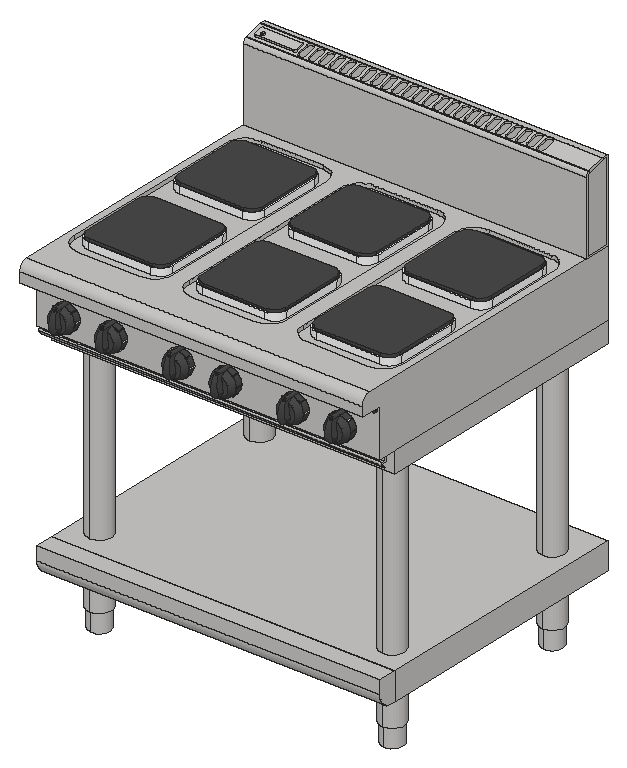
Revit family "QF_Moffat_RN8600SE-LS_Electric_Cooktops_Sealed_Hobs_cat", category Specialty Equipment, Revit 2019 (continued)
Definition of nested family "High and Low Option"
  Automatic sketch dimensions
    curve 188 to curve 190 = 0 mm
    curve 121 to curve 122 = 0 mm
    curve 184 to curve 186 = 0 mm  (x2)
    curve 125 to curve 126 = 0 mm
    curve 180 to curve 185 = 0 mm
    curve 129 to curve 130 = 0 mm
    curve 176 to curve 181 = 0 mm
    curve 133 to curve 134 = 0 mm
    curve 172 to curve 174 = 0 mm  (x2)
    curve 137 to curve 138 = 0 mm
    curve 168 to curve 170 = 0 mm  (x2)
    curve 141 to curve 142 = 0 mm
    curve 164 to curve 169 = 0 mm
    curve 145 to curve 146 = 0 mm
    curve 160 to curve 165 = 0 mm
    curve 149 to curve 150 = 0 mm
    curve 156 to curve 158 = 0 mm  (x2)
    curve 156 to curve 156 = 24.26 mm
    curve 152 to curve 155 = 0 mm
    curve 148 to curve 151 = 0 mm
    curve 159 to curve 162 = 0 mm
    curve 144 to curve 147 = 0 mm
    curve 164 to curve 166 = 0 mm
    curve 140 to curve 143 = 0 mm
    curve 136 to curve 139 = 0 mm
    curve 132 to curve 135 = 0 mm
    curve 175 to curve 178 = 0 mm
    curve 128 to curve 131 = 0 mm
    curve 180 to curve 182 = 0 mm
    curve 124 to curve 127 = 0 mm
    curve 120 to curve 123 = 0 mm
    curve 187 to curve 190 = 0 mm
    curve 116 to curve 119 = 0 mm
    curve 191 to curve 194 = 0 mm
    curve 112 to curve 115 = 0 mm
    curve 196 to curve 198 = 0 mm
    curve 108 to curve 111 = 0 mm
    curve 103 to curve 103 = 70 mm
    curve 200 to curve 105 = 123.248 mm
    curve 104 to curve 200 = 19.749 mm
    curve 203 to curve 204 = 900 mm
    curve 203 to curve 203 = 70 mm
    curve 207 to curve 208 = 900 mm
    curve 207 to curve 207 = 70 mm
    Extrusion 1 sketch curve to Extrusion 1 sketch curve = 15 mm
    Extrusion 1 sketch curve to Extrusion 1 sketch curve = 55 mm  (x2)
    Extrusion 1 sketch curve to Extrusion 1 sketch curve = 40 mm
    Extrusion 6 sketch curve to Extrusion 6 sketch curve = 15 mm
    Extrusion 6 sketch curve to Extrusion 6 sketch curve = 55 mm  (x2)
    Extrusion 6 sketch curve to Extrusion 6 sketch curve = 40 mm
    Extrusion 3 sketch curve to Extrusion 3 sketch curve = 63.6 mm
    Extrusion 3 sketch curve to Extrusion 3 sketch curve = 187.738 mm
    Extrusion 3 sketch curve to Extrusion 3 sketch curve = 10.943 mm
    Extrusion 3 sketch curve to Extrusion 3 sketch curve = 20.862 mm
    Extrusion 3 sketch curve to Extrusion 3 sketch curve = 6.522 mm
    Extrusion 3 sketch curve to Extrusion 3 sketch curve = 8.5 mm
    Extrusion 3 sketch curve to Extrusion 3 sketch curve = 8.8 mm
    Extrusion 2 sketch curve to Extrusion 2 sketch curve = 5.694 mm
    Extrusion 2 sketch curve to Extrusion 2 sketch curve = 8.8 mm
    Extrusion 2 sketch curve to Extrusion 2 sketch curve = 0.857 mm
    Extrusion 2 sketch curve to Extrusion 2 sketch curve = 9.154 mm
    Extrusion 2 sketch curve to Extrusion 2 sketch curve = 0.117 mm
    Extrusion 2 sketch curve to Extrusion 2 sketch curve = 0 mm
    Extrusion 4 sketch curve to Extrusion 4 sketch curve = 6.47 mm
    Extrusion 4 sketch curve to Extrusion 4 sketch curve = 8.729 mm
    Extrusion 4 sketch curve to Extrusion 4 sketch curve = 46.187 mm
    Extrusion 4 sketch curve to Extrusion 4 sketch curve = 63.6 mm
    Extrusion 4 sketch curve to Extrusion 4 sketch curve = 12.376 mm
    Extrusion 4 sketch curve to Extrusion 4 sketch curve = 187.792 mm
    Extrusion 8 sketch curve to Extrusion 8 sketch curve = 63.6 mm
    Extrusion 8 sketch curve to Extrusion 8 sketch curve = 187.738 mm
    Extrusion 8 sketch curve to Extrusion 8 sketch curve = 10.943 mm
    Extrusion 8 sketch curve to Extrusion 8 sketch curve = 20.862 mm
    Extrusion 8 sketch curve to Extrusion 8 sketch curve = 6.522 mm
    Extrusion 8 sketch curve to Extrusion 8 sketch curve = 8.5 mm
    Extrusion 8 sketch curve to Extrusion 8 sketch curve = 8.8 mm
    Extrusion 7 sketch curve to Extrusion 7 sketch curve = 5.694 mm
    Extrusion 7 sketch curve to Extrusion 7 sketch curve = 8.8 mm
    Extrusion 7 sketch curve to Extrusion 7 sketch curve = 0.857 mm
    Extrusion 7 sketch curve to Extrusion 7 sketch curve = 9.154 mm
    Extrusion 7 sketch curve to Extrusion 7 sketch curve = 0.117 mm
    Extrusion 7 sketch curve to Extrusion 7 sketch curve = 0 mm
    Extrusion 9 sketch curve to Extrusion 9 sketch curve = 6.47 mm
    Extrusion 9 sketch curve to Extrusion 9 sketch curve = 8.729 mm
    Extrusion 9 sketch curve to Extrusion 9 sketch curve = 46.187 mm
    Extrusion 9 sketch curve to Extrusion 9 sketch curve = 63.6 mm
    Extrusion 9 sketch curve to Extrusion 9 sketch curve = 12.376 mm
    Extrusion 9 sketch curve to Extrusion 9 sketch curve = 187.792 mm
  Nested families
    nested 1: "QF_LOGO_Waldorf" at (32, -70, 923.25), visible <- "Show Logo 1", type "QF_LOGO_Waldorf"
    nested 2: "QF_LOGO_Waldorf1" at (12.5, -38.053, 1110.468), visible <- "Show Logo 2", type "QF_LOGO_Waldorf1"
    nested 3: "QF_LOGO_Waldorf" at (32, -70, 923.25), visible <- "Show Logo 1", type "QF_LOGO_Waldorf", not visible
    nested 4: "QF_LOGO_Waldorf1" at (12.5, -38.053, 1110.468), visible <- "Show Logo 2", type "QF_LOGO_Waldorf1", not visible
  Definition of nested family "QF_LOGO_Waldorf"
    Parameters (values of type "QF_LOGO_Waldorf")
      Weight in Pounds = 0
      URL Cutsheet = ""
      Specification by User = ""
      Specification by Manufacturer = ""
      Serial Number = ""
      Seismic Rating = ""
      SMACNA No = ""
      Revision Code = ""
      NAFEM Spec ID Number = ""
      Masterspec = ""
      Length = 138 mm
      Item Number = ""
      Installed By = ""
      Identify Quantity as Lot = yes
      Height = 26.711 mm
      Furnished By = ""
      Foodservice Equipment Identifier = yes
      Depth = 3.175 mm
      CSI MasterFormat = ""
    Reference planes
      plane 1 "BACK": y = 0
      plane 2: z = 0
      plane 3 "LEFT": x = 0
      plane 4 "RIGHT": x = 138
      plane 5 "FRONT": y = -3.175
      plane 6 "TOP": z = 26.711
      plane 7 "Center Y": x = 69
      plane 8 "Center X": y = -1.587
    Forms (mm)
      Extrusion 1, solid
        sketch origin (0, 0, 0) x (1, 0, 0) y (0, 0, 1)
          loop
            line (109, 3.464) -> (109, 23.247)
            spline (109, 23.247) -> (108.966, 23.699) -> (108.864, 24.143) -> (108.696, 24.572) -> (108.464, 24.979) -> (108.173, 25.355) -> (107.828, 25.696) -> (107.435, 25.995) -> (107, 26.247) -> (106.531, 26.447) -> (106.035, 26.593) -> (105.522, 26.681) -> (105, 26.711)
            line (105, 26.711) -> (4, 26.711)
            spline (4, 26.711) -> (3.478, 26.681) -> (2.965, 26.593) -> (2.469, 26.447) -> (2, 26.247) -> (1.565, 25.995) -> (1.172, 25.696) -> (0.827, 25.355) -> (0.536, 24.979) -> (0.304, 24.572) -> (0.136, 24.143) -> (0.034, 23.699) -> (0, 23.247)
            line (0, 23.247) -> (0, 3.464)
            spline (0, 3.464) -> (0.034, 3.012) -> (0.136, 2.568) -> (0.304, 2.138) -> (0.536, 1.732) -> (0.827, 1.355) -> (1.172, 1.015) -> (1.565, 0.716) -> (2, 0.464) -> (2.469, 0.264) -> (2.965, 0.118) -> (3.478, 0.03) -> (4, 0)
            line (4, 0) -> (105, 0)
            spline (105, 0) -> (105.522, 0.03) -> (106.035, 0.118) -> (106.531, 0.264) -> (107, 0.464) -> (107.435, 0.716) -> (107.828, 1.015) -> (108.173, 1.355) -> (108.464, 1.732) -> (108.696, 2.138) -> (108.864, 2.568) -> (108.966, 3.012) -> (109, 3.464)
          loop
            line (14.75, 7.005) -> (14.75, 15.654)
            arc (14.75, 15.654) -> (10.425, 11.329) -> (14.75, 7.005) r 4.325
          loop
            line (15.25, 15.654) -> (15.25, 7.005)
            arc (15.25, 7.005) -> (19.575, 11.329) -> (15.25, 15.654) r 4.325
        from 0 to 3.2
      Extrusion 2, solid
        sketch origin (0, 0, 0) x (1, 0, 0) y (0, 0, 1)
          loop
            line (15.25, 15.654) -> (15.25, 7.005)
            arc (15.25, 7.005) -> (19.575, 11.329) -> (15.25, 15.654) r 4.325
        from 0 to 3.2
      Extrusion 3, solid
        sketch origin (16.271, 0, 0) x (-1, 0, 0) y (0, 0, -1)
          loop
            arc (1.521, -15.654) -> (5.846, -11.329) -> (1.521, -7.005) r 4.325
            line (1.521, -7.005) -> (1.521, -15.654)
        from 0 to 3.2
    Lines and regions (mm)
      Split face 1
        outline origin (0, -3.2, 0) x (1, 0, 0) y (0, 0, 1)
          loop
            spline (22.129, 16.975) -> (22.389, 15.984) -> (22.649, 15.002) -> (22.91, 14.028) -> (23.172, 13.065) -> (23.433, 12.11) -> (23.695, 11.166) -> (23.956, 10.232) -> (24.218, 9.308) -> (24.479, 8.396) -> (24.74, 7.495) -> (25, 6.605) -> (25.26, 5.728)
            line (25.26, 5.728) -> (29.463, 5.728)
            spline (29.463, 5.728) -> (29.582, 6.252) -> (29.701, 6.78) -> (29.82, 7.313) -> (29.939, 7.85) -> (30.058, 8.391) -> (30.178, 8.936) -> (30.297, 9.485) -> (30.416, 10.038) -> (30.536, 10.594) -> (30.655, 11.155) -> (30.775, 11.719) -> (30.894, 12.287)
            spline (30.894, 12.287) -> (31.018, 11.719) -> (31.142, 11.155) -> (31.266, 10.594) -> (31.39, 10.038) -> (31.514, 9.485) -> (31.638, 8.936) -> (31.762, 8.391) -> (31.885, 7.85) -> (32.009, 7.313) -> (32.133, 6.78) -> (32.256, 6.252) -> (32.379, 5.728)
            line (32.379, 5.728) -> (36.51, 5.728)
            spline (36.51, 5.728) -> (36.766, 6.605) -> (37.023, 7.495) -> (37.28, 8.396) -> (37.538, 9.308) -> (37.795, 10.232) -> (38.053, 11.166) -> (38.311, 12.11) -> (38.569, 13.065) -> (38.826, 14.028) -> (39.083, 15.002) -> (39.34, 15.984) -> (39.597, 16.975)
            line (39.597, 16.975) -> (35.637, 16.975)
            spline (35.637, 16.975) -> (35.523, 16.334) -> (35.41, 15.697) -> (35.296, 15.063) -> (35.182, 14.433) -> (35.068, 13.807) -> (34.954, 13.185) -> (34.84, 12.566) -> (34.726, 11.952) -> (34.612, 11.342) -> (34.497, 10.737) -> (34.383, 10.135) -> (34.269, 9.538)
            spline (34.269, 9.538) -> (34.138, 10.135) -> (34.008, 10.737) -> (33.877, 11.342) -> (33.746, 11.952) -> (33.616, 12.566) -> (33.485, 13.185) -> (33.354, 13.807) -> (33.224, 14.433) -> (33.093, 15.063) -> (32.963, 15.697) -> (32.833, 16.334) -> (32.703, 16.975)
            line (32.703, 16.975) -> (29.247, 16.975)
            spline (29.247, 16.975) -> (29.111, 16.334) -> (28.974, 15.697) -> (28.837, 15.063) -> (28.7, 14.433) -> (28.562, 13.807) -> (28.425, 13.185) -> (28.288, 12.566) -> (28.15, 11.952) -> (28.013, 11.342) -> (27.875, 10.737) -> (27.738, 10.135) -> (27.6, 9.538)
            spline (27.6, 9.538) -> (27.483, 10.135) -> (27.366, 10.737) -> (27.249, 11.342) -> (27.132, 11.952) -> (27.015, 12.566) -> (26.897, 13.185) -> (26.78, 13.807) -> (26.663, 14.433) -> (26.546, 15.063) -> (26.43, 15.697) -> (26.313, 16.334) -> (26.196, 16.975)
            line (26.196, 16.975) -> (22.129, 16.975)
      Split face 2
        outline origin (0, -3.2, 0) x (1, 0, 0) y (0, 0, 1)
          loop
            line (51.449, 5.728) -> (51.035, 6.606) -> (51.035, 11.169)
            spline (51.035, 11.169) -> (50.686, 12.42) -> (50.176, 13.224) -> (49.51, 13.708) -> (48.693, 13.995) -> (47.747, 14.152) -> (46.698, 14.207) -> (45.579, 14.186) -> (44.419, 14.114) -> (43.279, 13.929) -> (42.249, 13.481) -> (41.424, 12.614) -> (40.897, 11.169)
            line (40.897, 11.169) -> (44.617, 11.169) -> (44.988, 11.965)
            spline (44.988, 11.965) -> (47.294, 11.682) -> (46.856, 10.932) -> (45.527, 10.609) -> (43.858, 10.439) -> (42.259, 10.123) -> (41.078, 9.417) -> (40.563, 8.246) -> (40.689, 6.989) -> (41.407, 6.052) -> (42.774, 5.536) -> (44.847, 5.497) -> (47.306, 6.602)
            line (47.306, 6.602) -> (47.624, 5.728) -> (51.449, 5.728)
      Split face 3
        outline origin (0, -3.2, 0) x (1, 0, 0) y (0, 0, 1)
          loop
            line (47.264, 9.264) -> (44.938, 8.597)
            spline (44.938, 8.597) -> (44.508, 8.228) -> (44.402, 7.9) -> (44.548, 7.626) -> (44.877, 7.42) -> (45.317, 7.295) -> (45.797, 7.265) -> (46.252, 7.342) -> (46.65, 7.525) -> (46.971, 7.813) -> (47.194, 8.201) -> (47.298, 8.685) -> (47.264, 9.264)
      Split face 4
        outline origin (0, -3.2, 0) x (1, 0, 0) y (0, 0, 1)
          loop
            line (53.33, 16.975) -> (53.33, 5.728) -> (57.173, 5.728) -> (57.173, 16.975) -> (53.33, 16.975)
      Split face 5
        outline origin (0, -3.2, 0) x (1, 0, 0) y (0, 0, 1)
          loop
            line (65.795, 16.975) -> (65.795, 12.976)
            spline (65.795, 12.976) -> (63.839, 14.082) -> (62.087, 14.096) -> (60.633, 13.343) -> (59.574, 12.148) -> (58.99, 10.806) -> (58.867, 9.452) -> (59.156, 8.159) -> (59.81, 7) -> (60.786, 6.056) -> (62.111, 5.514) -> (63.868, 5.634) -> (66.137, 6.679)
            line (66.137, 6.679) -> (66.137, 5.728) -> (69.511, 5.728) -> (69.511, 16.975) -> (65.795, 16.975)
      Split face 6
        outline origin (0, -3.2, 0) x (1, 0, 0) y (0, 0, 1)
          loop
            spline (64.273, 7.499) -> (64.754, 7.57) -> (65.202, 7.777) -> (65.587, 8.106) -> (65.882, 8.535) -> (66.067, 9.034) -> (66.131, 9.57) -> (66.067, 10.106) -> (65.882, 10.605) -> (65.587, 11.034) -> (65.202, 11.363) -> (64.754, 11.57) -> (64.273, 11.64)
            spline (64.273, 11.64) -> (63.793, 11.57) -> (63.345, 11.363) -> (62.96, 11.034) -> (62.665, 10.605) -> (62.479, 10.106) -> (62.416, 9.57) -> (62.479, 9.034) -> (62.665, 8.535) -> (62.96, 8.106) -> (63.345, 7.777) -> (63.793, 7.57) -> (64.273, 7.499)
      Split face 7
        outline origin (0, -3.2, 0) x (1, 0, 0) y (0, 0, 1)
          loop
            spline (76.449, 5.305) -> (77.855, 5.457) -> (79.166, 5.901) -> (80.291, 6.607) -> (81.155, 7.527) -> (81.698, 8.599) -> (81.883, 9.749) -> (81.698, 10.899) -> (81.155, 11.97) -> (80.291, 12.891) -> (79.166, 13.597) -> (77.855, 14.041) -> (76.449, 14.192)
            spline (76.449, 14.192) -> (75.042, 14.041) -> (73.731, 13.597) -> (72.606, 12.891) -> (71.742, 11.97) -> (71.199, 10.899) -> (71.014, 9.749) -> (71.199, 8.599) -> (71.742, 7.527) -> (72.606, 6.607) -> (73.731, 5.901) -> (75.042, 5.457) -> (76.449, 5.305)
      Split face 8
        outline origin (0, -3.2, 0) x (1, 0, 0) y (0, 0, 1)
          loop
            spline (76.449, 7.654) -> (76.841, 7.725) -> (77.206, 7.934) -> (77.52, 8.267) -> (77.76, 8.701) -> (77.912, 9.206) -> (77.963, 9.749) -> (77.912, 10.291) -> (77.76, 10.796) -> (77.52, 11.23) -> (77.206, 11.563) -> (76.841, 11.772) -> (76.449, 11.843)
            spline (76.449, 11.843) -> (76.057, 11.772) -> (75.691, 11.563) -> (75.378, 11.23) -> (75.137, 10.796) -> (74.986, 10.291) -> (74.934, 9.749) -> (74.986, 9.206) -> (75.137, 8.701) -> (75.378, 8.267) -> (75.691, 7.934) -> (76.057, 7.725) -> (76.449, 7.654)
      Split face 9
        outline origin (0, -3.2, 0) x (1, 0, 0) y (0, 0, 1)
          loop
            line (86.998, 12.335) -> (86.998, 13.879) -> (83.479, 13.879) -> (83.479, 5.728) -> (87.312, 5.728) -> (87.312, 8.975)
            spline (87.312, 8.975) -> (87.364, 9.356) -> (87.458, 9.686) -> (87.594, 9.968) -> (87.769, 10.204) -> (87.982, 10.398) -> (88.229, 10.55) -> (88.509, 10.666) -> (88.82, 10.746) -> (89.16, 10.794) -> (89.525, 10.812) -> (89.915, 10.803) -> (90.327, 10.77)
            line (90.327, 10.77) -> (90.327, 14.113)
            spline (90.327, 14.113) -> (89.929, 14.127) -> (89.552, 14.111) -> (89.197, 14.066) -> (88.865, 13.991) -> (88.554, 13.887) -> (88.266, 13.754) -> (87.999, 13.591) -> (87.755, 13.399) -> (87.532, 13.177) -> (87.332, 12.926) -> (87.154, 12.645) -> (86.998, 12.335)
      Split face 10
        outline origin (0, -3.2, 0) x (1, 0, 0) y (0, 0, 1)
          loop
            line (92.082, 13.879) -> (90.894, 13.879) -> (90.894, 11.972) -> (92.082, 11.972) -> (92.082, 5.728) -> (95.871, 5.728) -> (95.871, 11.972) -> (97.5, 11.972) -> (97.5, 13.879) -> (95.871, 13.879)
            spline (95.871, 13.879) -> (95.843, 14.088) -> (95.845, 14.278) -> (95.877, 14.447) -> (95.939, 14.596) -> (96.03, 14.726) -> (96.151, 14.835) -> (96.301, 14.925) -> (96.482, 14.995) -> (96.692, 15.045) -> (96.931, 15.075) -> (97.201, 15.085) -> (97.5, 15.076)
            line (97.5, 15.076) -> (97.5, 17.266) -> (95.367, 17.266)
            spline (95.367, 17.266) -> (94.982, 17.253) -> (94.58, 17.21) -> (94.174, 17.132) -> (93.774, 17.013) -> (93.39, 16.846) -> (93.034, 16.627) -> (92.717, 16.349) -> (92.448, 16.007) -> (92.24, 15.595) -> (92.102, 15.106) -> (92.046, 14.537) -> (92.082, 13.879)
    Dimensions and locks
      equal spacing: plane 3 "LEFT", plane 7 "Center Y", plane 4 "RIGHT"
      "Length": plane 3 "LEFT" to plane 4 "RIGHT"
      equal spacing: plane 5 "FRONT", plane 8 "Center X", plane 1 "BACK"
      "Depth": plane 5 "FRONT" to plane 1 "BACK"
      "Height": plane 6 "TOP" to level
      plane 4 "RIGHT" to plane 3 "LEFT" = 138 mm
      aligned and locked: level to plane 2
    Automatic sketch dimensions
      Extrusion 1 sketch curve to plane 3 "LEFT" = 0 mm
      Extrusion 1 sketch curve to plane 6 "TOP" = 0 mm
      Extrusion 1 sketch curve to level = 0 mm
      plane 3 "LEFT" to Extrusion 1 sketch curve = 4 mm  (x2)
      Extrusion 1 sketch curve to Extrusion 1 sketch curve = 10.75 mm
      Extrusion 1 sketch curve to Extrusion 1 sketch curve = 0.5 mm
      plane 4 "RIGHT" to Extrusion 1 sketch curve = 33 mm
      Extrusion 1 sketch curve to Extrusion 1 sketch curve = 0 mm  (x3)
      Extrusion 1 sketch curve to Extrusion 1 sketch curve = 4 mm
      level to Extrusion 1 sketch curve = 3.464 mm  (x2)
      level to Extrusion 1 sketch curve = 7.005 mm
      Extrusion 1 sketch curve to Extrusion 1 sketch curve = 4.325 mm
      Extrusion 1 sketch curve to plane 6 "TOP" = 3.464 mm  (x2)
      Extrusion 2 sketch curve to Extrusion 2 sketch curve = 4.325 mm
      level to Extrusion 2 sketch curve = 7.005 mm
      plane 3 "LEFT" to Extrusion 2 sketch curve = 15.25 mm
      Extrusion 3 sketch curve to Extrusion 3 sketch curve = 4.325 mm
      Extrusion 3 sketch curve to level = 7.005 mm
      Extrusion 3 sketch curve to plane 3 "LEFT" = 14.75 mm
      Extrusion 1 to Split face 1 sketch curve = 6.879 mm
      Split face 1 sketch curve to Extrusion 1 = 5.728 mm
      Split face 1 sketch curve to Split face 1 sketch curve = 3.132 mm
      Split face 1 sketch curve to Split face 1 sketch curve = 4.068 mm
      Split face 1 sketch curve to Split face 1 sketch curve = 3.051 mm
      Split face 1 sketch curve to Split face 1 sketch curve = 4.203 mm
      Split face 1 sketch curve to Split face 1 sketch curve = 2.916 mm
      Split face 1 sketch curve to Split face 1 sketch curve = 3.456 mm
      Split face 1 sketch curve to Split face 1 sketch curve = 2.934 mm
      Split face 1 sketch curve to Split face 1 sketch curve = 4.131 mm
      Split face 1 sketch curve to Split face 1 sketch curve = 3.96 mm
      Split face 1 sketch curve to Split face 1 sketch curve = 0 mm  (x2)
      Split face 1 sketch curve to Extrusion 1 = 9.736 mm  (x2)
      Extrusion 1 to Split face 1 sketch curve = 6.337 mm
      Extrusion 1 to Split face 1 sketch curve = 6.231 mm
      Extrusion 1 to Split face 1 sketch curve = 3.184 mm
      Extrusion 1 to Split face 1 sketch curve = 13.135 mm
      Split face 1 sketch curve to Split face 1 sketch curve = 4.652 mm
      Split face 1 sketch curve to Split face 1 sketch curve = 3.593 mm
      Split face 1 sketch curve to Split face 1 sketch curve = 1.863 mm
      Split face 1 sketch curve to Split face 1 sketch curve = 0.713 mm
      Split face 1 sketch curve to Split face 1 sketch curve = 2.684 mm
      Split face 1 sketch curve to Split face 1 sketch curve = 3.294 mm
      Split face 1 sketch curve to Split face 1 sketch curve = 0.459 mm
      Split face 1 sketch curve to Split face 1 sketch curve = 2.775 mm
      Split face 1 sketch curve to Split face 1 sketch curve = 1.89 mm
      Split face 1 sketch curve to Split face 1 sketch curve = 0.685 mm
      Split face 1 sketch curve to Split face 1 sketch curve = 9.486 mm
      Split face 1 sketch curve to Split face 1 sketch curve = 16.213 mm
      Split face 1 sketch curve to Split face 1 sketch curve = 3.48 mm
      Split face 1 sketch curve to Split face 1 sketch curve = 4.918 mm
      Split face 1 sketch curve to Split face 1 sketch curve = 7.609 mm
      Split face 1 sketch curve to Split face 1 sketch curve = 0.01 mm  (x2)
      Split face 1 sketch curve to Split face 1 sketch curve = 0.002 mm
      Split face 2 sketch curve to Extrusion 1 = 11.169 mm
      Extrusion 1 to Split face 2 sketch curve = 25.647 mm
      Split face 2 sketch curve to Split face 2 sketch curve = 3.72 mm
      Split face 2 sketch curve to Extrusion 1 = 11.965 mm
      Split face 2 sketch curve to Split face 2 sketch curve = 0.371 mm
      Split face 2 sketch curve to Extrusion 1 = 6.602 mm
      Split face 2 sketch curve to Split face 2 sketch curve = 2.689 mm
      Split face 2 sketch curve to Split face 2 sketch curve = 0.318 mm
      Split face 2 sketch curve to Split face 2 sketch curve = 3.729 mm
      Split face 2 sketch curve to Split face 2 sketch curve = 0.414 mm
      Split face 2 sketch curve to Split face 2 sketch curve = 0.875 mm
      Split face 2 sketch curve to Split face 2 sketch curve = 0.878 mm
      Split face 3 sketch curve to Extrusion 1 = 8.597 mm
      Extrusion 1 to Split face 3 sketch curve = 29.688 mm
      Split face 3 sketch curve to Extrusion 1 = 9.264 mm
      Split face 3 sketch curve to Split face 3 sketch curve = 2.326 mm
      Split face 4 sketch curve to Extrusion 1 = 5.728 mm
      Extrusion 1 to Split face 4 sketch curve = 38.08 mm
      Split face 4 sketch curve to Split face 4 sketch curve = 3.843 mm
      Split face 4 sketch curve to Extrusion 1 = 9.736 mm
      Split face 5 sketch curve to Extrusion 1 = 12.976 mm
      Split face 5 sketch curve to Extrusion 1 = 43.205 mm
      Split face 5 sketch curve to Extrusion 1 = 6.679 mm
      Split face 5 sketch curve to Split face 5 sketch curve = 0.342 mm
      Split face 5 sketch curve to Split face 5 sketch curve = 3.375 mm
      Split face 5 sketch curve to Split face 5 sketch curve = 0.952 mm
      Split face 5 sketch curve to Split face 5 sketch curve = 3.998 mm
      Split face 6 sketch curve to Extrusion 1 = 7.499 mm
      Split face 6 sketch curve to Extrusion 1 = 44.727 mm
      Split face 6 sketch curve to Split face 6 sketch curve = 2.07 mm
      Split face 7 sketch curve to Extrusion 1 = 5.305 mm
      Split face 7 sketch curve to Extrusion 1 = 32.551 mm
      Split face 7 sketch curve to Split face 7 sketch curve = 4.443 mm
      Split face 8 sketch curve to Split face 8 sketch curve = 2.095 mm
      Split face 8 sketch curve to Extrusion 1 = 7.654 mm
      Split face 8 sketch curve to Extrusion 1 = 32.551 mm
      Split face 9 sketch curve to Extrusion 1 = 5.728 mm
      Split face 9 sketch curve to Extrusion 1 = 25.521 mm
      Split face 9 sketch curve to Split face 9 sketch curve = 3.519 mm
      Split face 9 sketch curve to Split face 9 sketch curve = 0.315 mm
      Split face 9 sketch curve to Split face 9 sketch curve = 3.33 mm
      Split face 9 sketch curve to Split face 9 sketch curve = 3.248 mm
      Split face 9 sketch curve to Split face 9 sketch curve = 1.795 mm
      Split face 9 sketch curve to Split face 9 sketch curve = 3.36 mm
      Split face 9 sketch curve to Split face 9 sketch curve = 1.545 mm
      Split face 9 sketch curve to Split face 9 sketch curve = 0.233 mm
      Split face 10 sketch curve to Extrusion 1 = 18.106 mm
      Split face 10 sketch curve to Split face 10 sketch curve = 1.188 mm  (x2)
      Split face 10 sketch curve to Split face 10 sketch curve = 3.285 mm
      Split face 10 sketch curve to Split face 10 sketch curve = 3.789 mm
      Split face 10 sketch curve to Split face 10 sketch curve = 0 mm  (x2)
      Split face 10 sketch curve to Split face 10 sketch curve = 1.629 mm
      Split face 10 sketch curve to Split face 10 sketch curve = 2.133 mm
      Split face 10 sketch curve to Extrusion 1 = 5.728 mm
      Split face 10 sketch curve to Split face 10 sketch curve = 6.245 mm
      Split face 10 sketch curve to Split face 10 sketch curve = 1.907 mm  (x2)
      Split face 10 sketch curve to Split face 10 sketch curve = 1.197 mm
      Split face 10 sketch curve to Split face 10 sketch curve = 2.19 mm
  Definition of nested family "QF_LOGO_Waldorf1"
    Parameters (values of type "QF_LOGO_Waldorf1")
      Weight in Pounds = 0
      URL Cutsheet = ""
      Specification by User = ""
      Specification by Manufacturer = ""
      Serial Number = ""
      Seismic Rating = ""
      SMACNA No = ""
      Revision Code = ""
      NAFEM Spec ID Number = ""
      Masterspec = ""
      Length = 138 mm
      Item Number = ""
      Installed By = ""
      Identify Quantity as Lot = yes
      Height = 26.711 mm
      Furnished By = ""
      Foodservice Equipment Identifier = yes
      Depth = 3.175 mm
      CSI MasterFormat = ""
    Reference planes
      plane 1 "BACK": y = 0
      plane 2: z = 0
      plane 3 "LEFT": x = 0
      plane 4 "RIGHT": x = 138
      plane 5 "FRONT": y = -3.175
      plane 6 "TOP": z = 26.711
      plane 7 "Center Y": x = 69
      plane 8 "Center X": y = -1.587
    Forms (mm)
      Extrusion 1, solid
        sketch origin (0, -12.9, 9.899) x (1, 0, 0) y (0, 0.965926, 0.258819)
          loop
            line (109, 3.464) -> (109, 23.247)
            spline (109, 23.247) -> (108.966, 23.699) -> (108.864, 24.143) -> (108.696, 24.572) -> (108.464, 24.979) -> (108.173, 25.355) -> (107.828, 25.696) -> (107.435, 25.995) -> (107, 26.247) -> (106.531, 26.447) -> (106.035, 26.593) -> (105.522, 26.681) -> (105, 26.711)
            line (105, 26.711) -> (4, 26.711)
            spline (4, 26.711) -> (3.478, 26.681) -> (2.965, 26.593) -> (2.469, 26.447) -> (2, 26.247) -> (1.565, 25.995) -> (1.172, 25.696) -> (0.827, 25.355) -> (0.536, 24.979) -> (0.304, 24.572) -> (0.136, 24.143) -> (0.034, 23.699) -> (0, 23.247)
            line (0, 23.247) -> (0, 3.464)
            spline (0, 3.464) -> (0.034, 3.012) -> (0.136, 2.568) -> (0.304, 2.138) -> (0.536, 1.732) -> (0.827, 1.355) -> (1.172, 1.015) -> (1.565, 0.716) -> (2, 0.464) -> (2.469, 0.264) -> (2.965, 0.118) -> (3.478, 0.03) -> (4, 0)
            line (4, 0) -> (105, 0)
            spline (105, 0) -> (105.522, 0.03) -> (106.035, 0.118) -> (106.531, 0.264) -> (107, 0.464) -> (107.435, 0.716) -> (107.828, 1.015) -> (108.173, 1.355) -> (108.464, 1.732) -> (108.696, 2.138) -> (108.864, 2.568) -> (108.966, 3.012) -> (109, 3.464)
          loop
            line (14.75, 7.005) -> (14.75, 15.654)
            arc (14.75, 15.654) -> (10.425, 11.329) -> (14.75, 7.005) r 4.325
          loop
            line (15.25, 15.654) -> (15.25, 7.005)
            arc (15.25, 7.005) -> (19.575, 11.329) -> (15.25, 15.654) r 4.325
        from 0 to 3.2
      Extrusion 2, solid
        sketch origin (0, -12.9, 9.899) x (1, 0, 0) y (0, 0.965926, 0.258819)
          loop
            line (15.25, 15.654) -> (15.25, 7.005)
            arc (15.25, 7.005) -> (19.575, 11.329) -> (15.25, 15.654) r 4.325
        from 0 to 3.2
      Extrusion 3, solid
        sketch origin (16.271, -12.9, 9.899) x (-1, 0, 0) y (0, -0.965926, -0.258819)
          loop
            arc (1.521, -15.654) -> (5.846, -11.329) -> (1.521, -7.005) r 4.325
            line (1.521, -7.005) -> (1.521, -15.654)
        from 0 to 3.2
    Lines and regions (mm)
      Split face 1
        outline origin (0, -13.729, 12.99) x (1, 0, 0) y (0, 0.965926, 0.258819)
          loop
            spline (22.129, 16.975) -> (22.389, 15.984) -> (22.649, 15.002) -> (22.91, 14.028) -> (23.172, 13.065) -> (23.433, 12.11) -> (23.695, 11.166) -> (23.956, 10.232) -> (24.218, 9.308) -> (24.479, 8.396) -> (24.74, 7.495) -> (25, 6.605) -> (25.26, 5.728)
            line (25.26, 5.728) -> (29.463, 5.728)
            spline (29.463, 5.728) -> (29.582, 6.252) -> (29.701, 6.78) -> (29.82, 7.313) -> (29.939, 7.85) -> (30.058, 8.391) -> (30.178, 8.936) -> (30.297, 9.485) -> (30.416, 10.038) -> (30.536, 10.594) -> (30.655, 11.155) -> (30.775, 11.719) -> (30.894, 12.287)
            spline (30.894, 12.287) -> (31.018, 11.719) -> (31.142, 11.155) -> (31.266, 10.594) -> (31.39, 10.038) -> (31.514, 9.485) -> (31.638, 8.936) -> (31.762, 8.391) -> (31.885, 7.85) -> (32.009, 7.313) -> (32.133, 6.78) -> (32.256, 6.252) -> (32.379, 5.728)
            line (32.379, 5.728) -> (36.51, 5.728)
            spline (36.51, 5.728) -> (36.766, 6.605) -> (37.023, 7.495) -> (37.28, 8.396) -> (37.538, 9.308) -> (37.795, 10.232) -> (38.053, 11.166) -> (38.311, 12.11) -> (38.569, 13.065) -> (38.826, 14.028) -> (39.083, 15.002) -> (39.34, 15.984) -> (39.597, 16.975)
            line (39.597, 16.975) -> (35.637, 16.975)
            spline (35.637, 16.975) -> (35.523, 16.334) -> (35.41, 15.697) -> (35.296, 15.063) -> (35.182, 14.433) -> (35.068, 13.807) -> (34.954, 13.185) -> (34.84, 12.566) -> (34.726, 11.952) -> (34.612, 11.342) -> (34.497, 10.737) -> (34.383, 10.135) -> (34.269, 9.538)
            spline (34.269, 9.538) -> (34.138, 10.135) -> (34.008, 10.737) -> (33.877, 11.342) -> (33.746, 11.952) -> (33.616, 12.566) -> (33.485, 13.185) -> (33.354, 13.807) -> (33.224, 14.433) -> (33.093, 15.063) -> (32.963, 15.697) -> (32.833, 16.334) -> (32.703, 16.975)
            line (32.703, 16.975) -> (29.247, 16.975)
            spline (29.247, 16.975) -> (29.111, 16.334) -> (28.974, 15.697) -> (28.837, 15.063) -> (28.7, 14.433) -> (28.562, 13.807) -> (28.425, 13.185) -> (28.288, 12.566) -> (28.15, 11.952) -> (28.013, 11.342) -> (27.875, 10.737) -> (27.738, 10.135) -> (27.6, 9.538)
            spline (27.6, 9.538) -> (27.483, 10.135) -> (27.366, 10.737) -> (27.249, 11.342) -> (27.132, 11.952) -> (27.015, 12.566) -> (26.897, 13.185) -> (26.78, 13.807) -> (26.663, 14.433) -> (26.546, 15.063) -> (26.43, 15.697) -> (26.313, 16.334) -> (26.196, 16.975)
            line (26.196, 16.975) -> (22.129, 16.975)
      Split face 2
        outline origin (0, -13.729, 12.99) x (1, 0, 0) y (0, 0.965926, 0.258819)
          loop
            line (51.449, 5.728) -> (51.035, 6.606) -> (51.035, 11.169)
            spline (51.035, 11.169) -> (50.686, 12.42) -> (50.176, 13.224) -> (49.51, 13.708) -> (48.693, 13.995) -> (47.747, 14.152) -> (46.698, 14.207) -> (45.579, 14.186) -> (44.419, 14.114) -> (43.279, 13.929) -> (42.249, 13.481) -> (41.424, 12.614) -> (40.897, 11.169)
            line (40.897, 11.169) -> (44.617, 11.169) -> (44.988, 11.965)
            spline (44.988, 11.965) -> (47.294, 11.682) -> (46.856, 10.932) -> (45.527, 10.609) -> (43.858, 10.439) -> (42.259, 10.123) -> (41.078, 9.417) -> (40.563, 8.246) -> (40.689, 6.989) -> (41.407, 6.052) -> (42.774, 5.536) -> (44.847, 5.497) -> (47.306, 6.602)
            line (47.306, 6.602) -> (47.624, 5.728) -> (51.449, 5.728)
      Split face 3
        outline origin (0, -13.729, 12.99) x (1, 0, 0) y (0, 0.965926, 0.258819)
          loop
            line (47.264, 9.264) -> (44.938, 8.597)
            spline (44.938, 8.597) -> (44.508, 8.228) -> (44.402, 7.9) -> (44.548, 7.626) -> (44.877, 7.42) -> (45.317, 7.295) -> (45.797, 7.265) -> (46.252, 7.342) -> (46.65, 7.525) -> (46.971, 7.813) -> (47.194, 8.201) -> (47.298, 8.685) -> (47.264, 9.264)
      Split face 4
        outline origin (0, -13.729, 12.99) x (1, 0, 0) y (0, 0.965926, 0.258819)
          loop
            line (53.33, 16.975) -> (53.33, 5.728) -> (57.173, 5.728) -> (57.173, 16.975) -> (53.33, 16.975)
      Split face 5
        outline origin (0, -13.729, 12.99) x (1, 0, 0) y (0, 0.965926, 0.258819)
          loop
            line (65.795, 16.975) -> (65.795, 12.976)
            spline (65.795, 12.976) -> (63.839, 14.082) -> (62.087, 14.096) -> (60.633, 13.343) -> (59.574, 12.148) -> (58.99, 10.806) -> (58.867, 9.452) -> (59.156, 8.159) -> (59.81, 7) -> (60.786, 6.056) -> (62.111, 5.514) -> (63.868, 5.634) -> (66.137, 6.679)
            line (66.137, 6.679) -> (66.137, 5.728) -> (69.511, 5.728) -> (69.511, 16.975) -> (65.795, 16.975)
      Split face 6
        outline origin (0, -13.729, 12.99) x (1, 0, 0) y (0, 0.965926, 0.258819)
          loop
            spline (64.273, 7.499) -> (64.754, 7.57) -> (65.202, 7.777) -> (65.587, 8.106) -> (65.882, 8.535) -> (66.067, 9.034) -> (66.131, 9.57) -> (66.067, 10.106) -> (65.882, 10.605) -> (65.587, 11.034) -> (65.202, 11.363) -> (64.754, 11.57) -> (64.273, 11.64)
            spline (64.273, 11.64) -> (63.793, 11.57) -> (63.345, 11.363) -> (62.96, 11.034) -> (62.665, 10.605) -> (62.479, 10.106) -> (62.416, 9.57) -> (62.479, 9.034) -> (62.665, 8.535) -> (62.96, 8.106) -> (63.345, 7.777) -> (63.793, 7.57) -> (64.273, 7.499)
      Split face 7
        outline origin (0, -13.729, 12.99) x (1, 0, 0) y (0, 0.965926, 0.258819)
          loop
            spline (76.449, 5.305) -> (77.855, 5.457) -> (79.166, 5.901) -> (80.291, 6.607) -> (81.155, 7.527) -> (81.698, 8.599) -> (81.883, 9.749) -> (81.698, 10.899) -> (81.155, 11.97) -> (80.291, 12.891) -> (79.166, 13.597) -> (77.855, 14.041) -> (76.449, 14.192)
            spline (76.449, 14.192) -> (75.042, 14.041) -> (73.731, 13.597) -> (72.606, 12.891) -> (71.742, 11.97) -> (71.199, 10.899) -> (71.014, 9.749) -> (71.199, 8.599) -> (71.742, 7.527) -> (72.606, 6.607) -> (73.731, 5.901) -> (75.042, 5.457) -> (76.449, 5.305)
      Split face 8
        outline origin (0, -13.729, 12.99) x (1, 0, 0) y (0, 0.965926, 0.258819)
          loop
            spline (76.449, 7.654) -> (76.841, 7.725) -> (77.206, 7.934) -> (77.52, 8.267) -> (77.76, 8.701) -> (77.912, 9.206) -> (77.963, 9.749) -> (77.912, 10.291) -> (77.76, 10.796) -> (77.52, 11.23) -> (77.206, 11.563) -> (76.841, 11.772) -> (76.449, 11.843)
            spline (76.449, 11.843) -> (76.057, 11.772) -> (75.691, 11.563) -> (75.378, 11.23) -> (75.137, 10.796) -> (74.986, 10.291) -> (74.934, 9.749) -> (74.986, 9.206) -> (75.137, 8.701) -> (75.378, 8.267) -> (75.691, 7.934) -> (76.057, 7.725) -> (76.449, 7.654)
      Split face 9
        outline origin (0, -13.729, 12.99) x (1, 0, 0) y (0, 0.965926, 0.258819)
          loop
            line (86.998, 12.335) -> (86.998, 13.879) -> (83.479, 13.879) -> (83.479, 5.728) -> (87.312, 5.728) -> (87.312, 8.975)
            spline (87.312, 8.975) -> (87.364, 9.356) -> (87.458, 9.686) -> (87.594, 9.968) -> (87.769, 10.204) -> (87.982, 10.398) -> (88.229, 10.55) -> (88.509, 10.666) -> (88.82, 10.746) -> (89.16, 10.794) -> (89.525, 10.812) -> (89.915, 10.803) -> (90.327, 10.77)
            line (90.327, 10.77) -> (90.327, 14.113)
            spline (90.327, 14.113) -> (89.929, 14.127) -> (89.552, 14.111) -> (89.197, 14.066) -> (88.865, 13.991) -> (88.554, 13.887) -> (88.266, 13.754) -> (87.999, 13.591) -> (87.755, 13.399) -> (87.532, 13.177) -> (87.332, 12.926) -> (87.154, 12.645) -> (86.998, 12.335)
      Split face 10
        outline origin (0, -13.729, 12.99) x (1, 0, 0) y (0, 0.965926, 0.258819)
          loop
            line (92.082, 13.879) -> (90.894, 13.879) -> (90.894, 11.972) -> (92.082, 11.972) -> (92.082, 5.728) -> (95.871, 5.728) -> (95.871, 11.972) -> (97.5, 11.972) -> (97.5, 13.879) -> (95.871, 13.879)
            spline (95.871, 13.879) -> (95.843, 14.088) -> (95.845, 14.278) -> (95.877, 14.447) -> (95.939, 14.596) -> (96.03, 14.726) -> (96.151, 14.835) -> (96.301, 14.925) -> (96.482, 14.995) -> (96.692, 15.045) -> (96.931, 15.075) -> (97.201, 15.085) -> (97.5, 15.076)
            line (97.5, 15.076) -> (97.5, 17.266) -> (95.367, 17.266)
            spline (95.367, 17.266) -> (94.982, 17.253) -> (94.58, 17.21) -> (94.174, 17.132) -> (93.774, 17.013) -> (93.39, 16.846) -> (93.034, 16.627) -> (92.717, 16.349) -> (92.448, 16.007) -> (92.24, 15.595) -> (92.102, 15.106) -> (92.046, 14.537) -> (92.082, 13.879)
    Dimensions and locks
      equal spacing: plane 3 "LEFT", plane 7 "Center Y", plane 4 "RIGHT"
      "Length": plane 3 "LEFT" to plane 4 "RIGHT"
      equal spacing: plane 5 "FRONT", plane 8 "Center X", plane 1 "BACK"
      "Depth": plane 5 "FRONT" to plane 1 "BACK"
      "Height": plane 6 "TOP" to level
      plane 4 "RIGHT" to plane 3 "LEFT" = 138 mm
      aligned and locked: level to plane 2
    Automatic sketch dimensions
      Extrusion 1 sketch curve to plane 3 "LEFT" = 0 mm
      plane 3 "LEFT" to Extrusion 1 sketch curve = 4 mm  (x2)
      Extrusion 1 sketch curve to Extrusion 1 sketch curve = 10.75 mm
      Extrusion 1 sketch curve to Extrusion 1 sketch curve = 0.5 mm
      plane 4 "RIGHT" to Extrusion 1 sketch curve = 33 mm
      Extrusion 1 sketch curve to Extrusion 1 sketch curve = 0 mm  (x3)
      Extrusion 1 sketch curve to Extrusion 1 sketch curve = 4 mm
      Extrusion 1 sketch curve to Extrusion 1 sketch curve = 3.464 mm  (x3)
      Extrusion 1 sketch curve to Extrusion 1 sketch curve = 3.541 mm
      Extrusion 1 sketch curve to Extrusion 1 sketch curve = 4.325 mm
      Extrusion 1 sketch curve to Extrusion 1 sketch curve = 19.783 mm
      Extrusion 1 sketch curve to Extrusion 1 sketch curve = 7.592 mm
      plane 3 "LEFT" to Extrusion 2 sketch curve = 15.25 mm
      Extrusion 2 sketch curve to Extrusion 2 sketch curve = 4.325 mm
      plane 3 "LEFT" to Extrusion 3 sketch curve = 14.75 mm
      Extrusion 3 sketch curve to Extrusion 3 sketch curve = 4.325 mm
      Extrusion 1 to Split face 1 sketch curve = 6.879 mm
      Split face 1 sketch curve to Extrusion 1 = 5.728 mm
      Split face 1 sketch curve to Split face 1 sketch curve = 3.132 mm
      Split face 1 sketch curve to Split face 1 sketch curve = 4.068 mm
      Split face 1 sketch curve to Split face 1 sketch curve = 3.051 mm
      Split face 1 sketch curve to Split face 1 sketch curve = 4.203 mm
      Split face 1 sketch curve to Split face 1 sketch curve = 2.916 mm
      Split face 1 sketch curve to Split face 1 sketch curve = 3.456 mm
      Split face 1 sketch curve to Split face 1 sketch curve = 2.934 mm
      Split face 1 sketch curve to Split face 1 sketch curve = 4.131 mm
      Split face 1 sketch curve to Split face 1 sketch curve = 3.96 mm
      Split face 1 sketch curve to Split face 1 sketch curve = 0 mm  (x2)
      Split face 1 sketch curve to Extrusion 1 = 9.736 mm  (x2)
      Extrusion 1 to Split face 1 sketch curve = 6.337 mm
      Extrusion 1 to Split face 1 sketch curve = 6.231 mm
      Extrusion 1 to Split face 1 sketch curve = 3.184 mm
      Extrusion 1 to Split face 1 sketch curve = 13.135 mm
      Split face 1 sketch curve to Split face 1 sketch curve = 4.652 mm
      Split face 1 sketch curve to Split face 1 sketch curve = 3.593 mm
      Split face 1 sketch curve to Split face 1 sketch curve = 1.863 mm
      Split face 1 sketch curve to Split face 1 sketch curve = 0.713 mm
      Split face 1 sketch curve to Split face 1 sketch curve = 2.684 mm
      Split face 1 sketch curve to Split face 1 sketch curve = 3.294 mm
      Split face 1 sketch curve to Split face 1 sketch curve = 0.459 mm
      Split face 1 sketch curve to Split face 1 sketch curve = 2.775 mm
      Split face 1 sketch curve to Split face 1 sketch curve = 1.89 mm
      Split face 1 sketch curve to Split face 1 sketch curve = 0.685 mm
      Split face 1 sketch curve to Split face 1 sketch curve = 9.486 mm
      Split face 1 sketch curve to Split face 1 sketch curve = 16.213 mm
      Split face 1 sketch curve to Split face 1 sketch curve = 3.48 mm
      Split face 1 sketch curve to Split face 1 sketch curve = 4.918 mm
      Split face 1 sketch curve to Split face 1 sketch curve = 7.609 mm
      Split face 1 sketch curve to Split face 1 sketch curve = 0.01 mm  (x2)
      Split face 1 sketch curve to Split face 1 sketch curve = 0.002 mm
      Split face 2 sketch curve to Extrusion 1 = 11.169 mm
      Extrusion 1 to Split face 2 sketch curve = 25.647 mm
      Split face 2 sketch curve to Split face 2 sketch curve = 3.72 mm
      Split face 2 sketch curve to Extrusion 1 = 11.965 mm
      Split face 2 sketch curve to Split face 2 sketch curve = 0.371 mm
      Split face 2 sketch curve to Extrusion 1 = 6.602 mm
      Split face 2 sketch curve to Split face 2 sketch curve = 2.689 mm
      Split face 2 sketch curve to Split face 2 sketch curve = 0.318 mm
      Split face 2 sketch curve to Split face 2 sketch curve = 3.729 mm
      Split face 2 sketch curve to Split face 2 sketch curve = 0.414 mm
      Split face 2 sketch curve to Split face 2 sketch curve = 0.875 mm
      Split face 2 sketch curve to Split face 2 sketch curve = 0.878 mm
      Split face 3 sketch curve to Extrusion 1 = 8.597 mm
      Extrusion 1 to Split face 3 sketch curve = 29.688 mm
      Split face 3 sketch curve to Extrusion 1 = 9.264 mm
      Split face 3 sketch curve to Split face 3 sketch curve = 2.326 mm
      Split face 4 sketch curve to Extrusion 1 = 5.728 mm
      Extrusion 1 to Split face 4 sketch curve = 38.08 mm
      Split face 4 sketch curve to Split face 4 sketch curve = 3.843 mm
      Split face 4 sketch curve to Extrusion 1 = 9.736 mm
      Split face 5 sketch curve to Extrusion 1 = 9.736 mm
      Split face 5 sketch curve to Extrusion 1 = 43.205 mm
      Split face 5 sketch curve to Extrusion 1 = 6.679 mm
      Split face 5 sketch curve to Split face 5 sketch curve = 0.342 mm
      Split face 5 sketch curve to Split face 5 sketch curve = 3.375 mm
      Split face 5 sketch curve to Split face 5 sketch curve = 0.952 mm
      Split face 5 sketch curve to Split face 5 sketch curve = 3.998 mm
      Split face 6 sketch curve to Extrusion 1 = 7.499 mm
      Split face 6 sketch curve to Extrusion 1 = 44.727 mm
      Split face 6 sketch curve to Split face 6 sketch curve = 2.07 mm
      Split face 7 sketch curve to Extrusion 1 = 5.305 mm
      Split face 7 sketch curve to Extrusion 1 = 32.551 mm
      Split face 7 sketch curve to Split face 7 sketch curve = 4.443 mm
      Split face 8 sketch curve to Extrusion 1 = 7.654 mm
      Split face 8 sketch curve to Extrusion 1 = 32.551 mm
      Split face 8 sketch curve to Split face 8 sketch curve = 2.095 mm
      Split face 9 sketch curve to Extrusion 1 = 5.728 mm
      Split face 9 sketch curve to Extrusion 1 = 25.521 mm
      Split face 9 sketch curve to Split face 9 sketch curve = 3.519 mm
      Split face 9 sketch curve to Split face 9 sketch curve = 0.315 mm
      Split face 9 sketch curve to Split face 9 sketch curve = 3.33 mm
      Split face 9 sketch curve to Split face 9 sketch curve = 3.248 mm
      Split face 9 sketch curve to Split face 9 sketch curve = 1.795 mm
      Split face 9 sketch curve to Split face 9 sketch curve = 3.36 mm
      Split face 9 sketch curve to Split face 9 sketch curve = 1.545 mm
      Split face 9 sketch curve to Split face 9 sketch curve = 0.233 mm
      Split face 10 sketch curve to Extrusion 1 = 18.106 mm
      Split face 10 sketch curve to Split face 10 sketch curve = 1.188 mm  (x2)
      Split face 10 sketch curve to Split face 10 sketch curve = 3.285 mm
      Split face 10 sketch curve to Split face 10 sketch curve = 3.789 mm
      Split face 10 sketch curve to Split face 10 sketch curve = 0 mm  (x2)
      Split face 10 sketch curve to Split face 10 sketch curve = 1.629 mm
      Split face 10 sketch curve to Split face 10 sketch curve = 2.133 mm
      Split face 10 sketch curve to Extrusion 1 = 5.728 mm
      Split face 10 sketch curve to Split face 10 sketch curve = 6.245 mm
      Split face 10 sketch curve to Split face 10 sketch curve = 1.907 mm  (x2)
      Split face 10 sketch curve to Split face 10 sketch curve = 1.197 mm
      Split face 10 sketch curve to Split face 10 sketch curve = 2.19 mm
